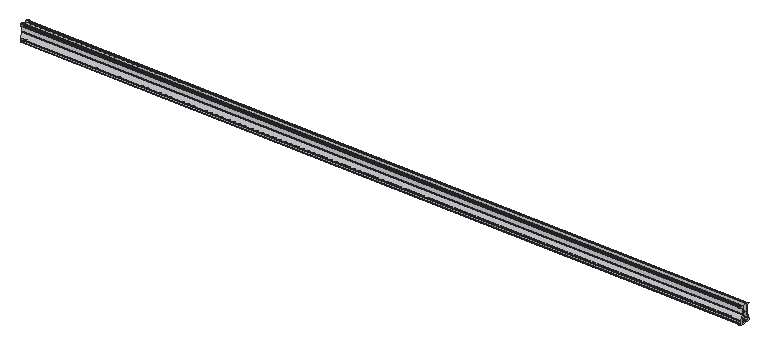
Revit family "43TSC2.75 18g Bottom Chord", category Structural Framing, Revit 2020
Family settings
  Section Shape = Not Defined
  Material for Model Behavior = Steel
  Always export as geometry = No
  OmniClass Number = 23.25.30.11.14.14
  OmniClass Title = Beams
  Always vertical = Yes
  Cut with Voids When Loaded = No
  Symbolic Representation = From Family
  Shared = No
  Show family pre-cut in plan views = Yes
Parameters
  Weight lbs per ft [instance] = 1.2634
  URL = "https://www.trussteel.com/details_files/pdf/ts007.pdf"
  Total Member Weight lbs [instance] = Length / 1' 0" * Weight lbs per ft  # 12.634
  Structural Material = ASTM A653 SS Grade 55 G90
  Steel Design Thickness (in) [instance] = 0.0451
  Model = "43TSC2.75"
  Manufacturer = "TrusSteel"
  Length [instance] = 10' - 0"
  Fy (ksi) [instance] = 55
  Fu (ksi) [instance] = 65
  Description = "Chord"
  Cross Section Area (in2) [instance] = 0.3716
  Beam Width = 0' - 1 1/2"
  Beam Height = 0' - 2 3/4"
Reference planes (in)
  plane 1 "Center (Front/Back)": y = 0
  plane 2 "Center El.": z = 0
  plane 3 "Center (Left/Right)": x = 0
  plane 4 "Left": x = -60
  plane 5 "Right": x = 60
Forms (in)
  Extrusion 1, solid
    sketch origin (-48, 0.00557, -0.27273) x (0, -1, 0) y (0, 0, 1)
      loop
        line (-0.49443, 2.77273) -> (-0.49443, 2.81783) -> (-0.63933, 2.81783)
        arc (-0.63933, 2.81783) -> (-0.68176, 2.8354) -> (-0.69933, 2.87783) r 0.06
        line (-0.69933, 2.87783) -> (-0.69933, 2.91763)
        arc (-0.69933, 2.91763) -> (-0.68176, 2.96006) -> (-0.63933, 2.97763) r 0.06
        line (-0.63933, 2.97763) -> (-0.47453, 2.97763)
        arc (-0.47453, 2.97763) -> (-0.43211, 2.96006) -> (-0.41453, 2.91763) r 0.06
        line (-0.41453, 2.91763) -> (-0.41453, 1.82897)
        arc (-0.41453, 1.82897) -> (-0.41897, 1.77344) -> (-0.43215, 1.71932) r 0.35
        line (-0.43215, 1.71932) -> (-0.72454, 0.83302)
        arc (-0.72454, 0.83302) -> (-0.73943, 0.77192) -> (-0.74443, 0.70924) r 0.3951
        line (-0.74443, 0.70924) -> (-0.74443, 0.41183)
        arc (-0.74443, 0.41183) -> (-0.70369, 0.31347) -> (-0.60533, 0.27273) r 0.1391
        line (-0.60533, 0.27273) -> (-0.23943, 0.27273)
        arc (-0.23943, 0.27273) -> (-0.18712, 0.2853) -> (-0.14624, 0.32028) r 0.1151
        arc (-0.14624, 0.32028) -> (0.00557, 0.39773) -> (0.15738, 0.32028) r 0.1875
        arc (0.15738, 0.32028) -> (0.19826, 0.2853) -> (0.25057, 0.27273) r 0.1151
        line (0.25057, 0.27273) -> (0.61647, 0.27273)
        arc (0.61647, 0.27273) -> (0.71482, 0.31347) -> (0.75557, 0.41183) r 0.1391
        line (0.75557, 0.41183) -> (0.75557, 0.70924)
        arc (0.75557, 0.70924) -> (0.75056, 0.77192) -> (0.73568, 0.83302) r 0.3951
        line (0.73568, 0.83302) -> (0.44329, 1.71932)
        arc (0.44329, 1.71932) -> (0.4301, 1.77344) -> (0.42567, 1.82897) r 0.35
        line (0.42567, 1.82897) -> (0.42567, 2.91763)
        arc (0.42567, 2.91763) -> (0.44324, 2.96006) -> (0.48567, 2.97763) r 0.06
        line (0.48567, 2.97763) -> (0.65047, 2.97763)
        arc (0.65047, 2.97763) -> (0.69289, 2.96006) -> (0.71047, 2.91763) r 0.06
        line (0.71047, 2.91763) -> (0.71047, 2.87783)
        arc (0.71047, 2.87783) -> (0.69289, 2.8354) -> (0.65047, 2.81783) r 0.06
        line (0.65047, 2.81783) -> (0.50557, 2.81783) -> (0.50557, 2.77273) -> (0.65047, 2.77273)
        arc (0.65047, 2.77273) -> (0.72478, 2.80351) -> (0.75557, 2.87783) r 0.1051
        line (0.75557, 2.87783) -> (0.75557, 2.91763)
        arc (0.75557, 2.91763) -> (0.72478, 2.99195) -> (0.65047, 3.02273) r 0.1051
        line (0.65047, 3.02273) -> (0.48567, 3.02273)
        arc (0.48567, 3.02273) -> (0.41135, 2.99195) -> (0.38057, 2.91763) r 0.1051
        line (0.38057, 2.91763) -> (0.38057, 1.82897)
        arc (0.38057, 1.82897) -> (0.38557, 1.76629) -> (0.40046, 1.70519) r 0.3951
        line (0.40046, 1.70519) -> (0.69285, 0.81889)
        arc (0.69285, 0.81889) -> (0.70603, 0.76477) -> (0.71047, 0.70924) r 0.35
        line (0.71047, 0.70924) -> (0.71047, 0.41183)
        arc (0.71047, 0.41183) -> (0.68293, 0.34536) -> (0.61647, 0.31783) r 0.094
        line (0.61647, 0.31783) -> (0.25057, 0.31783)
        arc (0.25057, 0.31783) -> (0.21875, 0.32548) -> (0.19389, 0.34675) r 0.07
        arc (0.19389, 0.34675) -> (0.00557, 0.44283) -> (-0.18276, 0.34675) r 0.2326
        arc (-0.18276, 0.34675) -> (-0.20762, 0.32548) -> (-0.23943, 0.31783) r 0.07
        line (-0.23943, 0.31783) -> (-0.60533, 0.31783)
        arc (-0.60533, 0.31783) -> (-0.6718, 0.34536) -> (-0.69933, 0.41183) r 0.094
        line (-0.69933, 0.41183) -> (-0.69933, 0.70924)
        arc (-0.69933, 0.70924) -> (-0.6949, 0.76477) -> (-0.68171, 0.81889) r 0.35
        line (-0.68171, 0.81889) -> (-0.38932, 1.70519)
        arc (-0.38932, 1.70519) -> (-0.37444, 1.76629) -> (-0.36943, 1.82897) r 0.3951
        line (-0.36943, 1.82897) -> (-0.36943, 2.91763)
        arc (-0.36943, 2.91763) -> (-0.40022, 2.99195) -> (-0.47453, 3.02273) r 0.1051
        line (-0.47453, 3.02273) -> (-0.63933, 3.02273)
        arc (-0.63933, 3.02273) -> (-0.71365, 2.99195) -> (-0.74443, 2.91763) r 0.1051
        line (-0.74443, 2.91763) -> (-0.74443, 2.87783)
        arc (-0.74443, 2.87783) -> (-0.71365, 2.80351) -> (-0.63933, 2.77273) r 0.1051
        line (-0.63933, 2.77273) -> (-0.49443, 2.77273)
    from -108 to 12
Dimensions and locks (in)
  equal spacing: plane 4 "Left", plane 3 "Center (Left/Right)", plane 5 "Right"
  "Length": plane 4 "Left" to plane 5 "Right"
  "Beam Width": Extrusion 1 to Extrusion 1
  "Beam Height": Extrusion 1 to Extrusion 1
  aligned and locked: level to plane 2 "Center El."
  aligned and locked: Extrusion 1 to plane 5 "Right"
  aligned and locked: plane 4 "Left" to Extrusion 1
Automatic sketch dimensions
  Extrusion 1 sketch curve to Extrusion 1 sketch curve = 0' - 0"  (x63)
  Extrusion 1 sketch curve to Extrusion 1 sketch curve = 0' - 0.0201"  (x2)
  Extrusion 1 sketch curve to Extrusion 1 sketch curve = 0' - 0.01989"  (x2)
  Extrusion 1 sketch curve to Extrusion 1 sketch curve = 0' - 0.0451"  (x4)
  Extrusion 1 sketch curve to Extrusion 1 sketch curve = 0' - 0.04283"  (x4)
  Extrusion 1 sketch curve to Extrusion 1 sketch curve = 0' - 0.06"  (x3)
  Extrusion 1 sketch curve to Extrusion 1 sketch curve = 0' - 0.094"
  Extrusion 1 sketch curve to Extrusion 1 sketch curve = 0' - 0.1449"  (x2)
  Extrusion 1 sketch curve to Extrusion 1 sketch curve = 0' - 0.0199"
  Extrusion 1 sketch curve to Extrusion 1 sketch curve = 0' - 0.33238"  (x4)
  Extrusion 1 sketch curve to Extrusion 1 sketch curve = 0' - 0.01762"  (x2)
  Extrusion 1 sketch curve to Extrusion 1 sketch curve = 0' - 0.3659"  (x2)
  Extrusion 1 sketch curve to Extrusion 1 sketch curve = 0' - 0.245"  (x2)
  Extrusion 1 sketch curve to Extrusion 1 sketch curve = 0' - 0.1099"
  Extrusion 1 sketch curve to Extrusion 1 sketch curve = 0' - 0 3/4"
  Extrusion 1 sketch curve to Extrusion 1 sketch curve = 0' - 0.1648"
  Extrusion 1 sketch curve to Extrusion 1 sketch curve = 0' - 0 1/16"  (x2)
  Extrusion 1 sketch curve to Extrusion 1 sketch curve = 0' - 0.07"  (x2)
  Extrusion 1 sketch curve to Extrusion 1 sketch curve = 0' - 0.29741"
  Extrusion 1 sketch curve to Extrusion 1 sketch curve = 0' - 0.32141"
  Extrusion 1 sketch curve to Extrusion 1 sketch curve = 0' - 0.8863"
  Extrusion 1 sketch curve to Extrusion 1 sketch curve = 0' - 0.12378"
  Extrusion 1 sketch curve to Extrusion 1 sketch curve = 0' - 0.94376"
  Extrusion 1 sketch curve to Extrusion 1 sketch curve = 0' - 1.08866"
  Extrusion 1 sketch curve to Extrusion 1 sketch curve = 0' - 0.0398"  (x3)
  Extrusion 1 sketch curve to level = 0' - 0"
  Extrusion 1 sketch curve to plane 1 "Center (Front/Back)" = 0' - 0.7701"
